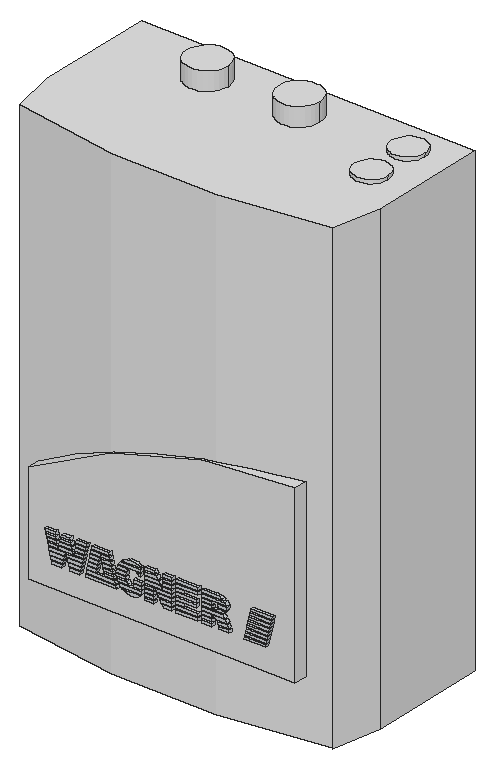
Revit family "WAGNER_Извещатели_TITANUS PRO SENS_net", category Оборудование, Revit 2017
Family settings
  Размер круглого соединителя = Использовать диаметр
  Тип детали = Нормальный
  Номер OmniClass = 23.85.30.21.11.14
  Заголовок OmniClass = Alarm Panels
  На основе рабочей плоскости = Нет
  Всегда вертикально = Да
  При загрузке вырезать с полостями = Нет
  Общий = Да
  Точка расчета площади = Нет
Parameters (values of type "Typ TP-4 AD-05-0462")
  Описание = ADSK_Наименование  # "Извещатель пожарный дымовой аспирационный"
  Изготовитель = [ADSK_Завод-изготовитель]  # "WAGNER"
  bimon.ru = "bimon.ru"
  WAGNER_Чувствительность = if(WAGNER_Variation = 1, "от 0,01 %/м до 0,5 %/м", if(WAGNER_Variation = 2, "от 0,0049 %/м до 0,5 %/м", if(WAGNER_Variation = 3, "от 0,01 %/м до 0,5 %/м", if(WAGNER_Variation = 4, "от 0,0049 %/м до 0,5 %/м", if(WAGNER_Variation = 5, "от 0,01 %/м до 0,5 %/м", if(WAGNER_Variation = 6, "от 0,0049 %/м до 0,5 %/м", if(WAGNER_Variation = 7, "0", "@_@")))))))  # "от 0,01 %/м до 0,5 %/м"
  WAGNER_Уровень шума  = if(WAGNER_Variation = 1, "45 дБ", if(WAGNER_Variation = 2, "45 дБ", if(WAGNER_Variation = 3, "от 23 дБ до 30 дБ", if(WAGNER_Variation = 4, "от 23 дБ до 30 дБ", if(WAGNER_Variation = 5, "45 дБ", if(WAGNER_Variation = 6, "45 дБ", if(WAGNER_Variation = 7, "0", "@_@")))))))  # "45 дБ"
  WAGNER_Тип детекторных модулей = if(WAGNER_Variation = 1, "DM-TT-50L, DM-TT-10L, DM-TT-01L", if(WAGNER_Variation = 2, "DM-TT-50L, DM-TT-10L, DM-TT-01L", if(WAGNER_Variation = 3, "DM-TT-50L, DM-TT-10L, DM-TT-01L", if(WAGNER_Variation = 4, "DM-TT-50L, DM-TT-10L, DM-TT-01L", if(WAGNER_Variation = 5, "DM-TT-50L-F, DM-TT-10L-F, DM-TT-01L-F", if(WAGNER_Variation = 6, "DM-TT-50L-F, DM-TT-10L-F, DM-TT-01L-F", if(WAGNER_Variation = 7, "0", "@_@")))))))  # "DM-TT-50L, DM-TT-10L, DM-TT-01L"
  WAGNER_Тип = if(WAGNER_Variation = 1, "Typ TP-4", if(WAGNER_Variation = 2, "Typ TP-5", if(WAGNER_Variation = 3, "Typ TP-4-SL", if(WAGNER_Variation = 4, "Typ TP-5-SL", if(WAGNER_Variation = 5, "Typ TP-4-F", if(WAGNER_Variation = 6, "Typ TP-5-F", if(WAGNER_Variation = 7, "0", "@_@")))))))  # "Typ TP-4"
  WAGNER_Температурный режим. = if(WAGNER_Variation = 1, "от -20℃ до +60℃", if(WAGNER_Variation = 2, "от -20℃ до +60℃", if(WAGNER_Variation = 3, "от -20℃ до +60℃", if(WAGNER_Variation = 4, "от -20℃ до +60℃", if(WAGNER_Variation = 5, "от -40℃ до +60℃", if(WAGNER_Variation = 6, "от -40℃ до +60℃", if(WAGNER_Variation = 7, "0", "@_@")))))))  # "от -20℃ до +60℃"
  WAGNER_Страна производства = if(WAGNER_Variation = 1, "Германия", if(WAGNER_Variation = 2, "Германия", if(WAGNER_Variation = 3, "Германия", if(WAGNER_Variation = 4, "Германия", if(WAGNER_Variation = 5, "Германия", if(WAGNER_Variation = 6, "Германия", if(WAGNER_Variation = 7, "0", "@_@")))))))  # "Германия"
  WAGNER_Расчет системы = if(WAGNER_Variation = 1, "Программа PipeCalc", if(WAGNER_Variation = 2, "Программа PipeCalc", if(WAGNER_Variation = 3, "Программа PipeCalc", if(WAGNER_Variation = 4, "Программа PipeCalc", if(WAGNER_Variation = 5, "Программа PipeCalc", if(WAGNER_Variation = 6, "Программа PipeCalc", if(WAGNER_Variation = 7, "0", "@_@")))))))  # "Программа PipeCalc"
  WAGNER_Плата_сетевая_TITANUS_NU-5-D = yes
  WAGNER_Питание = if(WAGNER_Variation = 1, "24В", if(WAGNER_Variation = 2, "24В", if(WAGNER_Variation = 3, "24В", if(WAGNER_Variation = 4, "24В", if(WAGNER_Variation = 5, "24В", if(WAGNER_Variation = 6, "24В", if(WAGNER_Variation = 7, "0", "@_@")))))))  # "24В"
  WAGNER_Название = if(WAGNER_Variation = 1, "Извещатель пожарный дымовой аспирационный TITANUS PRO·SENS/net", if(WAGNER_Variation = 2, "Извещатель пожарный дымовой аспирационный TITANUS PRO·SENS/net", if(WAGNER_Variation = 3, "Извещатель пожарный дымовой аспирационный TITANUS PRO·SENS/net бесшумная версия", if(WAGNER_Variation = 4, "Извещатель пожарный дымовой аспирационный TITANUS PRO·SENS/net бесшумная версия", if(WAGNER_Variation = 5, "Извещатель пожарный дымовой аспирационный TITANUS PRO·SENS/net низкотемпературная версия", if(WAGNER_Variation = 6, "Извещатель пожарный дымовой аспирационный TITANUS PRO·SENS/net низкотемпературная версия", if(WAGNER_Variation = 7, "0", "@_@")))))))  # "Извещатель пожарный дымовой аспирационный TITANUS PRO·SENS/net"
  WAGNER_Модуль управления вентилятором = yes
  WAGNER_Количество сигналов (реле) тревоги = if(WAGNER_Variation = 1, "от 1 до 4", if(WAGNER_Variation = 2, "от 1 до 6 ", if(WAGNER_Variation = 3, "от 1 до 4", if(WAGNER_Variation = 4, "от 1 до 6 ", if(WAGNER_Variation = 5, "от 1 до 4", if(WAGNER_Variation = 6, "от 1 до 6 ", if(WAGNER_Variation = 7, "0", "@_@")))))))  # "от 1 до 4"
  WAGNER_Количество сигналов (реле) неисправности = if(WAGNER_Variation = 1, "от 1 до 2", if(WAGNER_Variation = 2, "от 1 до 2", if(WAGNER_Variation = 3, "от 1 до 2", if(WAGNER_Variation = 4, "от 1 до 2", if(WAGNER_Variation = 5, "от 1 до 2", if(WAGNER_Variation = 6, "от 1 до 2", if(WAGNER_Variation = 7, "0", "@_@")))))))  # "от 1 до 2"
  WAGNER_Количество каналов обнаружения = if(WAGNER_Variation = 1, "2", if(WAGNER_Variation = 2, "2", if(WAGNER_Variation = 3, "2", if(WAGNER_Variation = 4, "2", if(WAGNER_Variation = 5, "2", if(WAGNER_Variation = 6, "2", if(WAGNER_Variation = 7, "0", "@_@")))))))  # "2"
  WAGNER_Классы проектирования  = if(WAGNER_Variation = 1, "А, B, C", if(WAGNER_Variation = 2, "А, B, C", if(WAGNER_Variation = 3, "А, B, C", if(WAGNER_Variation = 4, "А, B, C", if(WAGNER_Variation = 5, "А, B, C", if(WAGNER_Variation = 6, "А, B, C", if(WAGNER_Variation = 7, "0", "@_@")))))))  # "А, B, C"
  WAGNER_Артикул = if(WAGNER_Variation = 1, "AD-05-0462", if(WAGNER_Variation = 2, "AD-05-0665", if(WAGNER_Variation = 3, "AD-05-0459", if(WAGNER_Variation = 4, "AD-05-0667", if(WAGNER_Variation = 5, "AD-05-0463", if(WAGNER_Variation = 6, "AD-05-0669", if(WAGNER_Variation = 7, "0", "@_@")))))))  # "AD-05-0462"
  WAGNER_Variation = 1
  WAGNER_Ip = if(WAGNER_Variation = 1, "Ip20 или Ip52", if(WAGNER_Variation = 2, "Ip20 или Ip52", if(WAGNER_Variation = 3, "Ip20 или Ip52", if(WAGNER_Variation = 4, "Ip20 или Ip52", if(WAGNER_Variation = 5, "Ip20 или Ip52", if(WAGNER_Variation = 6, "Ip20 или Ip52", if(WAGNER_Variation = 7, "0", "@_@")))))))  # "Ip20 или Ip52"
  Uniclass Title = "Fire alarm panels"  # constant formula
  Uniclass Code = "Pr_75_75_30_29"  # constant formula
  URL = "www.wagner-russia.com"
  UNSPSC Title = "Fire alarm systems"  # constant formula
  UNSPSC Code = "46191505"  # constant formula
  OmniClass Title = "Alarm Panels"  # constant formula
  OmniClass Code = "23.85.30.21.11.14"  # constant formula
  Masterformat Title = "Fire Alarm Notification Appliances"  # constant formula
  Masterformat Code = "28 46 23"  # constant formula
  IFC Classification = ""
  COBie Category = "Fire alarm panels"  # constant formula
  ADSK_Размер_Ширина = 113 mm  # constant formula
  ADSK_Размер_Длина = 200 mm  # constant formula
  ADSK_Размер_Высота = 292 mm  # constant formula
  ADSK_Напряжение = 24 V
  ADSK_Наименование краткое = "Извещатель пожарный"  # constant formula
  ADSK_Наименование = "Извещатель пожарный дымовой аспирационный"  # constant formula
  ADSK_Материал = WAGNER_Корпус
  ADSK_Масса_Текст = ""
  ADSK_Марка = WAGNER_Тип  # "Typ TP-4"
  ADSK_Код изделия = "-"  # constant formula
  ADSK_Завод-изготовитель = "WAGNER"  # constant formula
  ADSK_Единица измерения = "шт."  # constant formula
  ADSK_Дата изменения = "18.07.20"  # constant formula
  ADSK_Версия семейства = "Версия 1"  # constant formula
  ADSK_Версия Revit = "Revit 2017"  # constant formula
  ADSK_URL страницы изделия = "https://ru.wagnergroup.com/systeme/brandfrueherkennung-mit-titanusr-ansaugrauchmeldern.html"
  ADSK_URL документации изделия = "https://ru.wagnergroup.com/ru/centr-zagruzki/katalog.html"
Types (6, lengths in mm): name | WAGNER_Чувствительность | WAGNER_Уровень шума  | WAGNER_Тип детекторных модулей | WAGNER_Тип | WAGNER_Температурный режим. | WAGNER_Плата_сетевая_TITANUS_NU-5-D | WAGNER_Название | WAGNER_Модуль управления вентилятором | WAGNER_Количество сигналов (реле) тревоги | WAGNER_Артикул | WAGNER_Variation | ADSK_Марка
  Typ TP-4 AD-05-0462 | "от 0,01 %/м до 0,5 %/м" | "45 дБ" | "DM-TT-50L, DM-TT-10L, DM-TT-01L" | "Typ TP-4" | "от -20℃ до +60℃" | yes | "Извещатель пожарный дымовой аспирационный TITANUS PRO·SENS/net" | yes | "от 1 до 4" | "AD-05-0462" | 1 | "Typ TP-4"
  Typ TP-5 AD-05-0665 | "от 0,0049 %/м до 0,5 %/м" | "45 дБ" | "DM-TT-50L, DM-TT-10L, DM-TT-01L" | "Typ TP-5" | "от -20℃ до +60℃" | yes | "Извещатель пожарный дымовой аспирационный TITANUS PRO·SENS/net" | yes | "от 1 до 6 " | "AD-05-0665" | 2 | "Typ TP-5"
  Typ TP-4-SL AD-05-0459 | "от 0,01 %/м до 0,5 %/м" | "от 23 дБ до 30 дБ" | "DM-TT-50L, DM-TT-10L, DM-TT-01L" | "Typ TP-4-SL" | "от -20℃ до +60℃" | yes | "Извещатель пожарный дымовой аспирационный TITANUS PRO·SENS/net бесшумная версия" | yes | "от 1 до 4" | "AD-05-0459" | 3 | "Typ TP-4-SL"
  Typ TP-5-SL AD-05-0667 | "от 0,0049 %/м до 0,5 %/м" | "от 23 дБ до 30 дБ" | "DM-TT-50L, DM-TT-10L, DM-TT-01L" | "Typ TP-5-SL" | "от -20℃ до +60℃" | yes | "Извещатель пожарный дымовой аспирационный TITANUS PRO·SENS/net бесшумная версия" | yes | "от 1 до 6 " | "AD-05-0667" | 4 | "Typ TP-5-SL"
  Typ TP-4-F AD-05-0463 | "от 0,01 %/м до 0,5 %/м" | "45 дБ" | "DM-TT-50L-F, DM-TT-10L-F, DM-TT-01L-F" | "Typ TP-4-F" | "от -40℃ до +60℃" | yes | "Извещатель пожарный дымовой аспирационный TITANUS PRO·SENS/net низкотемпературная версия" | yes | "от 1 до 4" | "AD-05-0463" | 5 | "Typ TP-4-F"
  Typ TP-5-F AD-05-0669 | "от 0,0049 %/м до 0,5 %/м" | "45 дБ" | "DM-TT-50L-F, DM-TT-10L-F, DM-TT-01L-F" | "Typ TP-5-F" | "от -40℃ до +60℃" | no | "Извещатель пожарный дымовой аспирационный TITANUS PRO·SENS/net низкотемпературная версия" | no | "от 1 до 6 " | "AD-05-0669" | 6 | "Typ TP-5-F"
Reference planes
  plane 1 "По центру (Вперед/Назад)": y = -115
  plane 2: z = 0
  plane 3 "По центру (Влево/Вправо)": x = -926.101
Forms (mm)
  Extrusion 1, solid, material "WAGNER_Корпус" <- "ADSK_Материал"
    sketch origin (0, -115, 0) x (1, 0, 0) y (0, 0, 1)
      loop
        line (-826.15, 134.487) -> (-1026.128, 134.487) -> (-1026.128, -145.566) -> (-826.15, -145.566) -> (-826.15, 134.487)
    from 0 to 70.93
  Sweep 2, solid, material "WAGNER_Корпус" <- "ADSK_Материал"
    path origin (0, -422.5, 0) x (0, 0, -1) y (1, 0, 0)
      loop
        line (-134.487, -926.101) -> (145.566, -926.101)
    profile origin (-926.101, -422.5, -5.539) x (0, -1, 0) y (1, 0, 0)
      loop
        line (-236.57, 99.951) -> (-237.521, 99.951) -> (-237.521, -100.026) -> (-236.57, -100.026) -> (-208.216, -93.924)
        arc (-208.216, -93.924) -> (-197.783, 0) -> (-208.216, 93.924) r 427.993
        line (-208.216, 93.924) -> (-236.57, 99.951)
  Extrusion 3, solid, material "WAGNER_Корпус" <- "ADSK_Материал"
    sketch origin (0, -115, 0) x (1, 0, 0) y (0, 0, 1)
      loop
        arc (-845.978, 124.031) -> (-851.101, 129.154) -> (-856.225, 124.031) r 5.124
        line (-856.225, 124.031) -> (-856.225, 116.031)
        arc (-856.225, 116.031) -> (-851.101, 110.907) -> (-845.978, 116.031) r 5.124
        line (-845.978, 116.031) -> (-845.978, 124.031)
      loop
        arc (-875.978, 124.031) -> (-881.101, 129.154) -> (-886.225, 124.031) r 5.124
        line (-886.225, 124.031) -> (-886.225, 116.031)
        arc (-886.225, 116.031) -> (-881.101, 110.907) -> (-875.978, 116.031) r 5.124
        line (-875.978, 116.031) -> (-875.978, 124.031)
      loop
        arc (-1005.978, 124.031) -> (-1011.101, 129.154) -> (-1016.225, 124.031) r 5.124
        line (-1016.225, 124.031) -> (-1016.225, 116.031)
        arc (-1016.225, 116.031) -> (-1011.101, 110.907) -> (-1005.978, 116.031) r 5.124
        line (-1005.978, 116.031) -> (-1005.978, 124.031)
      loop
        arc (-1014.902, -129.646) -> (-1020.026, -134.77) -> (-1014.902, -139.894) r 5.124
        line (-1014.902, -139.894) -> (-1006.902, -139.894)
        arc (-1006.902, -139.894) -> (-1001.778, -134.77) -> (-1006.902, -129.646) r 5.124
        line (-1006.902, -129.646) -> (-1014.902, -129.646)
      loop
        arc (-855.301, -129.646) -> (-860.425, -134.77) -> (-855.301, -139.894) r 5.124
        line (-855.301, -139.894) -> (-847.301, -139.894)
        arc (-847.301, -139.894) -> (-842.177, -134.77) -> (-847.301, -129.646) r 5.124
        line (-847.301, -129.646) -> (-855.301, -129.646)
    from -2.983 to 0
  Extrusion 4, solid, material "WAGNER_Корпус" <- "ADSK_Материал"
    sketch origin (0, 0, 0) x (1, 0, 0) y (0, 1, 0)
      loop
        circle (-967.443, -139.017) r 12.5
    from 134.487 to 145.487
  Extrusion 5, solid, material "WAGNER_Корпус" <- "ADSK_Материал"
    sketch origin (0, 0, 0) x (1, 0, 0) y (0, 1, 0)
      loop
        circle (-912.443, -139.017) r 12.5
    from 134.487 to 145.487
  Extrusion 6, solid, material "WAGNER_Корпус" <- "ADSK_Материал"
    sketch origin (0, 0, 0) x (1, 0, 0) y (0, 1, 0)
      loop
        circle (-850.763, -162.048) r 10
    from 134.487 to 136.468
  Extrusion 7, solid, material "WAGNER_Корпус" <- "ADSK_Материал"
    sketch origin (0, 27.996, 0) x (1, 0, 0) y (0, 1, 0)
      loop
        circle (-850.763, -162.048) r 10
    from 134.487 to 136.468
  Extrusion 8, solid, material "WAGNER_Корпус" <- "ADSK_Материал"
    sketch origin (0, -115, 0) x (1, 0, 0) y (0, 0, 1)
      loop
        circle (-865.763, -77.26) r 12.5
      loop
        circle (-861.763, -111.26) r 12.5
    from -2.983 to 0
  Extrusion 9, solid, material "WAGNER_Корпус" <- "ADSK_Материал"
    sketch origin (0, 0, 0) x (1, 0, 0) y (0, 1, 0)
      loop
        circle (-1004.101, -136.052) r 10
    from -147.566 to -145.566
  Extrusion 10, solid, material "WAGNER_Корпус" <- "ADSK_Материал"
    sketch origin (28, 0, 0) x (1, 0, 0) y (0, 1, 0)
      loop
        circle (-1004.101, -136.052) r 10
    from -147.566 to -145.566
  Extrusion 11, solid, material "WAGNER_Корпус" <- "ADSK_Материал"
    sketch origin (56, 0, 0) x (1, 0, 0) y (0, 1, 0)
      loop
        circle (-1004.101, -136.052) r 10
    from -147.566 to -145.566
  Extrusion 12, solid, material "WAGNER_Корпус" <- "ADSK_Материал"
    sketch origin (15, 0, 0) x (1, 0, 0) y (0, 1, 0)
      loop
        circle (-912.443, -139.017) r 12.5
    from -147.566 to -143.765
  Extrusion 13, solid, material "WAGNER_Корпус" <- "ADSK_Материал"
    sketch origin (48.229, 5.859, 0) x (1, 0, 0) y (0, 1, 0)
      loop
        circle (-912.443, -139.017) r 12.5
    from -147.566 to -143.765
  Extrusion 14, solid, material "WAGNER_Корпус" <- "ADSK_Материал"
    sketch origin (64.229, -24.232, 0) x (1, 0, 0) y (0, 1, 0)
      loop
        circle (-912.443, -139.017) r 12.5
    from -147.566 to -143.765
  Extrusion 15, solid, material "WAGNER_Корпус" <- "ADSK_Материал"
    sketch origin (0, -422.5, 0) x (0, 0, -1) y (1, 0, 0)
      loop
        line (50.56, -1006.063) -> (110.501, -1006.063) -> (110.501, -846.14) -> (5.577, -846.14)
        arc (5.577, -846.14) -> (16.4, -929.384) -> (50.56, -1006.063) r 290.67
    from -208.216 to -197.5
Cuts and joins
  joined: Extrusion 1, Sweep 2, Extrusion 3, Extrusion 4, Extrusion 5, Extrusion 6, Extrusion 7, Extrusion 8, Extrusion 9, Extrusion 10, Extrusion 11, Extrusion 12, Extrusion 13, Extrusion 14, Extrusion 15
Dimensions and locks
  aligned and locked: level to plane 2
Nested families
  nested 1: "Надпись" at (-928.069, -225, -71.776) x (1, 0, 0) z (0, -1, 0), type "Надпись"
    with ADSK_Материал none
  nested 2: "WAGNER_Плата_сетевая_TITANUS_NU-5-D" at (0, 277.817, 0), type "Typ NU-5-D"
  nested 3: "WAGNER_модуль_управления_вентилятором" at (-503.09, -1066.028, 0.098) x (0, -1, 0) z (0, 0, 1), Наличие <- "WAGNER_Модуль управления вентилятором", type "Typ FC-3"
    with Наличие yes
Connectors
  cabletrayconduit at (-850.763, -134.052, 136.468), diameter 20
    settings: on cut or joined group 1 (Extrusion 1, Sweep 2, Extrusion 3, Extrusion 4, Extrusion 5, Extrusion 6, Extrusion 7, Extrusion 8, Extrusion 9, Extrusion 10, Extrusion 11, Extrusion 12, Extrusion 13, Extrusion 14, Extrusion 15), index 1, connector width 300 mm, connector height 300 mm, connector angle 0.00°, system type 32, placement type 0, profile type 0, connector reference index -1, is primary connector yes, connector utility param no, connector description ""
  cabletrayconduit at (-850.763, -162.048, 134.487), diameter 20
    settings: on cut or joined group 1, index 2, connector width 300 mm, connector height 300 mm, connector angle 0.00°, system type 32, placement type 0, profile type 0, connector reference index -1, is primary connector no, connector utility param no, connector description ""
  cabletrayconduit at (-1004.101, -136.052, -147.566), diameter 20
    settings: on cut or joined group 1, index 3, connector width 300 mm, connector height 300 mm, connector angle 0.00°, system type 32, placement type 0, profile type 0, connector reference index -1, is primary connector no, connector utility param no, connector description ""
  cabletrayconduit at (-976.101, -136.052, -147.566), diameter 20
    settings: on cut or joined group 1, index 4, connector width 300 mm, connector height 300 mm, connector angle 0.00°, system type 32, placement type 0, profile type 0, connector reference index -1, is primary connector no, connector utility param no, connector description ""
  cabletrayconduit at (-948.101, -136.052, -147.566), diameter 20
    settings: on cut or joined group 1, index 5, connector width 300 mm, connector height 300 mm, connector angle 0.00°, system type 32, placement type 0, profile type 0, connector reference index -1, is primary connector no, connector utility param no, connector description ""
  cabletrayconduit at (-897.443, -139.017, -145.566), diameter 25
    settings: on cut or joined group 1, index 6, connector width 300 mm, connector height 300 mm, connector angle 0.00°, system type 32, placement type 0, profile type 0, connector reference index -1, is primary connector no, connector utility param no, connector description ""
  cabletrayconduit at (-848.214, -163.25, -145.566), diameter 25
    settings: on cut or joined group 1, index 7, connector width 300 mm, connector height 300 mm, connector angle 0.00°, system type 32, placement type 0, profile type 0, connector reference index -1, is primary connector no, connector utility param no, connector description ""
  cabletrayconduit at (-865.763, -112.017, -77.26), diameter 25
    settings: on cut or joined group 1, index 8, connector width 300 mm, connector height 300 mm, connector angle 0.00°, system type 32, placement type 0, profile type 0, connector reference index -1, is primary connector no, connector utility param no, connector description ""
  cabletrayconduit at (-861.763, -112.017, -111.26), diameter 25
    settings: on cut or joined group 1, index 9, connector width 300 mm, connector height 300 mm, connector angle 0.00°, system type 32, placement type 0, profile type 0, connector reference index -1, is primary connector no, connector utility param no, connector description ""
  piping at (-967.443, -139.017, 145.487), diameter 25
    settings: on cut or joined group 1, index 10, connector inside diameter 609.6 mm, connector length 0 mm, flow factor 0, pipe flow 0.0 m³/h, pressure drop 0.0 Pa, fitting loss kfactor 0, connector angle 0.00°, fixture units 0, engagement length 0 mm, angle of deflection 0.00°, flow configuration 0, flow direction 0, fitting loss method 0, system type 29, joint type 0, gender type 0, connector reference index -1, connector utility 0, adjustable connector no, is connector primary yes, connector description ""
  piping at (-912.443, -139.017, 145.487), diameter 25
    settings: on cut or joined group 1, index 11, connector inside diameter 609.6 mm, connector length 0 mm, flow factor 0, pipe flow 0.0 m³/h, pressure drop 0.0 Pa, fitting loss kfactor 0, connector angle 0.00°, fixture units 0, engagement length 0 mm, angle of deflection 0.00°, flow configuration 0, flow direction 0, fitting loss method 0, system type 29, joint type 0, gender type 0, connector reference index -1, connector utility 0, adjustable connector no, is connector primary no, connector description ""
  piping at (-864.214, -133.158, -147.566), diameter 25
    settings: on cut or joined group 1, index 12, connector inside diameter 609.6 mm, connector length 0 mm, flow factor 0, pipe flow 0.0 m³/h, pressure drop 0.0 Pa, fitting loss kfactor 0, connector angle 0.00°, fixture units 0, engagement length 0 mm, angle of deflection 0.00°, flow configuration 0, flow direction 0, fitting loss method 0, system type 29, joint type 0, gender type 0, connector reference index -1, connector utility 0, adjustable connector no, is connector primary no, connector description ""
Definition of nested family "Надпись"
  Parameters (values of type "Надпись")
    Default Elevation = 1219.2 mm
    Height = 0 mm
    ADSK_Материал [instance] = none
  Reference planes
    plane 1 "По центру (Вперед/Назад)": y = 0
    plane 2: z = 0
    plane 3 "По центру (Влево/Вправо)": x = 0
  Forms (mm)
    Extrusion 1, solid
      sketch origin (0, 0, 0) x (1, 0, 0) y (0, 1, 0)
        loop
          line (-8.661, 5) -> (-8.661, -2.59) -> (0, -2.59) -> (0, 5) -> (-8.661, 5)
      from 0 to -3.341
    Extrusion 2, solid, material <- "ADSK_Материал"
      sketch origin (0, 90.349, 0) x (1, 0, 0) y (0, 1, 0)
        loop
          line (-66.633, -96.987) -> (-64.622, -105.534) -> (-59.018, -105.534) -> (-60.333, -96.987) -> (-66.633, -96.987)
        loop
          line (-62.433, -114.837) -> (-56.483, -114.837) -> (-54.193, -106.29) -> (-64.444, -106.29) -> (-62.433, -114.837)
        loop
          line (-53.942, -106.29) -> (-51.583, -114.837) -> (-45.633, -114.837) -> (-43.622, -106.29) -> (-53.942, -106.29)
        loop
          line (-41.433, -96.987) -> (-47.733, -96.987) -> (-49.048, -105.534) -> (-43.444, -105.534) -> (-41.433, -96.987)
        loop
          line (-49.282, -105.534) -> (-51.583, -96.987) -> (-56.483, -96.987) -> (-58.784, -105.534) -> (-49.282, -105.534)
        loop
          line (-38.458, -96.987) -> (-40.301, -105.534) -> (-34.728, -105.534) -> (-33.383, -100.137) -> (-31.936, -105.537) -> (-26.128, -105.537) -> (-28.308, -96.987) -> (-38.458, -96.987)
        loop
          line (-42.308, -114.837) -> (-23.758, -114.837) -> (-25.936, -106.29) -> (-31.734, -106.29) -> (-30.489, -110.938) -> (-36.076, -110.938) -> (-34.917, -106.29) -> (-40.464, -106.29) -> (-42.308, -114.837)
        loop
          line (-8.661, -112.628) -> (-8.661, -106.29) -> (-13.608, -106.29) -> (-13.608, -110.938)
          spline (-13.608, -110.938) -> (-14.527, -110.855) -> (-15.182, -110.648) -> (-15.674, -110.377) -> (-16.086, -110.089) -> (-16.44, -109.789) -> (-16.75, -109.473) -> (-17.027, -109.135) -> (-17.281, -108.757) -> (-17.523, -108.317) -> (-17.761, -107.79) -> (-17.983, -107.132) -> (-18.173, -106.29)
          line (-18.173, -106.29) -> (-23.925, -106.29)
          spline (-23.925, -106.29) -> (-23.374, -109.198) -> (-22.264, -111.152) -> (-21.272, -112.432) -> (-20.36, -113.296) -> (-19.27, -113.989) -> (-17.877, -114.629) -> (-16.291, -115.103) -> (-14.638, -115.285) -> (-12.978, -115.124) -> (-11.331, -114.614) -> (-9.768, -113.761) -> (-8.661, -112.628)
        loop
          line (-9.408, -103.21) -> (-9.408, -98.265)
          spline (-9.408, -98.265) -> (-11.397, -97.312) -> (-13.231, -96.797) -> (-14.918, -96.656) -> (-16.464, -96.826) -> (-17.878, -97.241) -> (-19.167, -97.837) -> (-20.335, -98.564) -> (-21.372, -99.447) -> (-22.265, -100.536) -> (-22.997, -101.881) -> (-23.556, -103.532) -> (-23.925, -105.537)
          line (-23.925, -105.537) -> (-18.183, -105.537)
          spline (-18.183, -105.537) -> (-17.772, -104.218) -> (-17.317, -103.163) -> (-16.807, -102.344) -> (-16.233, -101.733) -> (-15.583, -101.3) -> (-14.848, -101.017) -> (-14.024, -100.864) -> (-13.148, -100.861) -> (-12.275, -101.052) -> (-11.46, -101.478) -> (-10.758, -102.184) -> (-10.226, -103.21)
          line (-10.226, -103.21) -> (-9.408, -103.21)
        loop
          line (-6.433, -114.837) -> (-1.008, -114.837) -> (-1.008, -106.29) -> (-6.433, -106.29) -> (-6.433, -114.837)
        loop
          line (-6.433, -96.987) -> (-6.433, -105.534) -> (3.972, -105.534) -> (-0.833, -96.987) -> (-6.433, -96.987)
        loop
          line (4.242, -96.987) -> (4.242, -105.534) -> (9.667, -105.534) -> (9.667, -96.987) -> (4.242, -96.987)
        loop
          line (9.667, -107.865) -> (9.667, -106.29) -> (-0.749, -106.29) -> (4.592, -114.837) -> (9.667, -114.837) -> (9.667, -107.865)
        loop
          line (17.367, -100.886) -> (25.417, -100.886) -> (25.417, -96.987) -> (12.117, -96.987) -> (12.117, -105.534) -> (24.367, -105.534) -> (24.367, -103.959) -> (17.367, -103.959) -> (17.367, -100.886)
        loop
          line (25.417, -110.938) -> (17.367, -110.938) -> (17.367, -107.865) -> (24.367, -107.865) -> (24.367, -106.29) -> (12.117, -106.29) -> (12.117, -114.837) -> (25.417, -114.837) -> (25.417, -110.938)
        loop
          line (27.517, -96.987) -> (27.517, -105.534) -> (40.677, -105.534)
          spline (40.677, -105.534) -> (41.741, -104.309) -> (42.384, -103.252) -> (42.676, -102.307) -> (42.678, -101.434) -> (42.44, -100.619) -> (42.012, -99.846) -> (41.427, -99.113) -> (40.691, -98.444) -> (39.806, -97.865) -> (38.754, -97.403) -> (37.438, -97.097) -> (35.742, -96.987)
          line (35.742, -96.987) -> (27.517, -96.987)
        loop
          line (27.517, -114.837) -> (33.467, -114.837) -> (33.467, -109.237) -> (34.692, -109.237)
          spline (34.692, -109.237) -> (35.25, -109.312) -> (35.723, -109.519) -> (36.123, -109.828) -> (36.462, -110.209) -> (36.75, -110.633) -> (36.999, -111.071) -> (37.218, -111.523) -> (37.41, -112.012) -> (37.582, -112.563) -> (37.737, -113.201) -> (37.88, -113.951) -> (38.017, -114.837)
          line (38.017, -114.837) -> (43.967, -114.837)
          spline (43.967, -114.837) -> (43.867, -114.015) -> (43.712, -113.201) -> (43.506, -112.398) -> (43.253, -111.61) -> (42.957, -110.84) -> (42.62, -110.093) -> (42.247, -109.372) -> (41.84, -108.681) -> (41.405, -108.023) -> (40.943, -107.403) -> (40.459, -106.824) -> (39.957, -106.29)
          line (39.957, -106.29) -> (27.517, -106.29) -> (27.517, -114.837)
        loop
          spline (35.742, -105.037) -> (36.22, -104.927) -> (36.688, -104.655) -> (37.088, -104.306) -> (37.371, -103.951) -> (37.535, -103.588) -> (37.588, -103.202) -> (37.541, -102.776) -> (37.401, -102.294) -> (37.139, -101.79) -> (36.699, -101.338) -> (36.021, -101.011) -> (35.045, -100.886)
          line (35.045, -100.886) -> (33.467, -100.886) -> (33.467, -105.037) -> (35.742, -105.037)
        loop
          line (57.053, -96.987) -> (55.066, -105.434) -> (68.016, -105.434) -> (70.003, -96.987) -> (57.053, -96.987)
        loop
          line (52.877, -114.737) -> (65.827, -114.737) -> (67.815, -106.29) -> (54.865, -106.29) -> (52.877, -114.737)
      from 0 to 2
    Extrusion 3, void
      sketch origin (0, 90.349, 0) x (1, 0, 0) y (0, 1, 0)
        loop
          line (-66.262, -98.562) -> (-67.78, -99.311) -> (71.59, -99.311) -> (73.738, -98.562) -> (-66.262, -98.562)
        loop
          line (-66.262, -100.862) -> (-67.78, -101.611) -> (71.59, -101.611) -> (73.738, -100.862) -> (-66.262, -100.862)
        loop
          line (-66.262, -103.162) -> (-67.78, -103.911) -> (71.59, -103.911) -> (73.738, -103.162) -> (-66.262, -103.162)
        loop
          line (-66.262, -107.834) -> (-67.78, -108.583) -> (71.59, -108.583) -> (73.738, -107.834) -> (-66.262, -107.834)
        loop
          line (-66.262, -110.189) -> (-67.78, -110.938) -> (71.59, -110.938) -> (73.738, -110.189) -> (-66.262, -110.189)
        loop
          line (-66.262, -112.589) -> (-67.78, -113.338) -> (71.59, -113.338) -> (73.738, -112.589) -> (-66.262, -112.589)
      from -1 to 5
  Cuts and joins
    Extrusion 3 cuts Extrusion 2
  Dimensions and locks
    aligned and locked: plane 2 to Extrusion 1
    aligned and locked: level to Extrusion 1
Definition of nested family "WAGNER_модуль_управления_вентилятором"
  Parameters (values of type "Typ FC-3")
    Description = ADSK_Наименование  # "Модуль управления вентилятором"
    Наличие [instance] = yes
    Manufacturer = [ADSK_Завод-изготовитель]  # "WAGNER"
    bimon.ru = "bimon.ru"
    WAGNER_Тип = "Typ FC-3"  # constant formula
    WAGNER_Название = "Модуль управления вентилятором"  # constant formula
    WAGNER_Артикул = "09-20-6830"  # constant formula
    Uniclass Title = "Fire alarm panels"  # constant formula
    Uniclass Code = "Pr_75_75_30_29"  # constant formula
    URL = "www.wagner-russia.com"
    UNSPSC Title = "Fire alarm systems"  # constant formula
    UNSPSC Code = "46191505"  # constant formula
    OmniClass Title = "Alarm Panels"  # constant formula
    OmniClass Code = "23.85.30.21.11.14"  # constant formula
    Masterformat Title = "Fire Alarm Notification Appliances"  # constant formula
    Masterformat Code = "28 46 23"  # constant formula
    IFC Classification = ""
    COBie Category = "Fire alarm panels"  # constant formula
    ADSK_Размер_Ширина = 0 mm  # constant formula
    ADSK_Размер_Длина = 0 mm  # constant formula
    ADSK_Размер_Высота = 0 mm  # constant formula
    ADSK_Наименование краткое = WAGNER_Название  # "Модуль управления вентилятором"
    ADSK_Наименование = WAGNER_Название  # "Модуль управления вентилятором"
    ADSK_Материал = none
    ADSK_Масса_Текст = ""
    ADSK_Марка = WAGNER_Тип  # "Typ FC-3"
    ADSK_Код изделия = "-"  # constant formula
    ADSK_Завод-изготовитель = "WAGNER"  # constant formula
    ADSK_Единица измерения = "шт."  # constant formula
    ADSK_Дата изменения = "18.07.20"  # constant formula
    ADSK_Версия семейства = "Версия 1"  # constant formula
    ADSK_Версия Revit = "Revit 2017"  # constant formula
    ADSK_URL страницы изделия = "https://ru.wagnergroup.com/systeme/brandfrueherkennung-mit-titanusr-ansaugrauchmeldern.html"
    ADSK_URL документации изделия = "https://ru.wagnergroup.com/ru/centr-zagruzki/katalog.html"
  Reference planes
    plane 1 "По центру (Вперед/Назад)": y = -115
    plane 2: z = 0
    plane 3 "По центру (Влево/Вправо)": x = -926.101
    plane 4: through (0, -115, 0) normal (0, 0.4226, -0.9063)
    plane 5: through (0, -115, 0) normal (0, 0.4226, 0.9063)
  Forms (mm)
    Extrusion 1, solid, visible <- "Наличие"
      sketch origin (0, -422.5, 0) x (0, 0, -1) y (1, 0, 0)
        loop
          line (-1, -927.101) -> (1, -927.101) -> (1, -925.101) -> (-1, -925.101) -> (-1, -927.101)
      from -1 to 1
  Dimensions and locks
    aligned and locked: level to plane 2
Definition of nested family "WAGNER_Плата_сетевая_TITANUS_NU-5-D"
  Parameters (values of type "Typ NU-5-D")
    Description = ADSK_Наименование  # "Плата сетевая TITANUS NU-5-D"
    Manufacturer = [ADSK_Завод-изготовитель]  # "WAGNER"
    bimon.ru = "bimon.ru"
    WAGNER_Тип = "Typ NU-5-D"  # constant formula
    WAGNER_Название = "Плата сетевая TITANUS NU-5-D"  # constant formula
    WAGNER_Артикул = "09-20-6445"  # constant formula
    WAGNER_Variation = 1
    Uniclass Title = "Fire alarm panels"  # constant formula
    Uniclass Code = "Pr_75_75_30_29"  # constant formula
    URL = "www.wagner-russia.com"
    UNSPSC Title = "Fire alarm systems"  # constant formula
    UNSPSC Code = "46191505"  # constant formula
    OmniClass Title = "Alarm Panels"  # constant formula
    OmniClass Code = "23.85.30.21.11.14"  # constant formula
    Masterformat Title = "Fire Alarm Notification Appliances"  # constant formula
    Masterformat Code = "28 46 23"  # constant formula
    IFC Classification = ""
    COBie Category = "Fire alarm panels"  # constant formula
    ADSK_Размер_Ширина = 0 mm  # constant formula
    ADSK_Размер_Длина = 0 mm  # constant formula
    ADSK_Размер_Высота = 0 mm  # constant formula
    ADSK_Наименование краткое = "Плата сетевая TITANUS NU-5-D"  # constant formula
    ADSK_Наименование = WAGNER_Название  # "Плата сетевая TITANUS NU-5-D"
    ADSK_Материал = none
    ADSK_Масса_Текст = ""
    ADSK_Марка = WAGNER_Тип  # "Typ NU-5-D"
    ADSK_Код изделия = "-"  # constant formula
    ADSK_Завод-изготовитель = "WAGNER"  # constant formula
    ADSK_Единица измерения = "шт."  # constant formula
    ADSK_Дата изменения = "19.07.20"  # constant formula
    ADSK_Версия семейства = "Версия 1"  # constant formula
    ADSK_Версия Revit = "Revit 2017"  # constant formula
    ADSK_URL страницы изделия = "https://ru.wagnergroup.com/systeme/brandfrueherkennung-mit-titanusr-ansaugrauchmeldern.html"
    ADSK_URL документации изделия = "https://ru.wagnergroup.com/ru/centr-zagruzki/katalog.html"
  Reference planes
    plane 1 "По центру (Вперед/Назад)": y = -115
    plane 2: z = 0
    plane 3 "По центру (Влево/Вправо)": x = -926.101
    plane 4: through (0, -115, 0) normal (0, 0.4226, -0.9063)
    plane 5: through (0, -115, 0) normal (0, 0.4226, 0.9063)
  Dimensions and locks
    aligned and locked: level to plane 2
